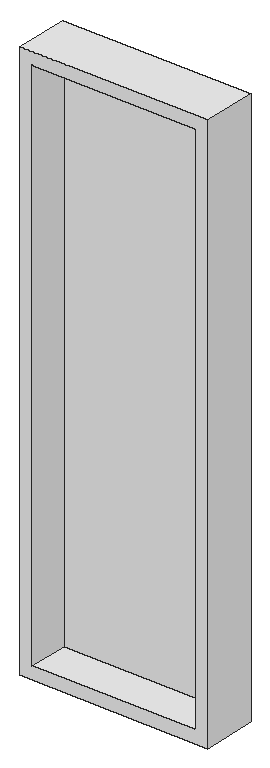
Revit family
Parameters (values of type "EPS")
  프레임 = ""
  철물 = ""
  Assembly Code = ""
  유리/마감 = ""
  위치/개소 = ""
  부호 = "1/SSD"
  문 틀 = SSD 문 틀
  문번호 = "1"
  문기호 = "SSD"
  문 = SSD 문
  Height = 2100 mm
  Wall Closure = (empty or 0)
  Width = 700 mm
Reference planes
  plane 1: y = 0
  plane 2 "중심(왼쪽/오른쪽)": x = 0
  plane 3 "왼쪽": x = -350
  plane 4 "오른쪽": x = 350
  plane 5: z = 2100
  plane 6 "외부": y = 100
  plane 7 "내부": y = -100
  plane 8: y = 50
  plane 9: x = -320
  plane 10: x = 320
  plane 11: x = -305
  plane 12: x = 305
  plane 13: x = -650
  plane 14: x = 650
  plane 15: z = 2400
  plane 16: z = -300
Forms (mm)
  Sweep 1, solid, material "SSD 문 틀" <- "문 틀"
    path origin (0, 100, 0) x (1, 0, 0) y (0, 0, 1)
      loop
        line (350, 0) -> (350, 2100) -> (-350, 2100) -> (-350, 0) -> (350, 0)
    profile origin (350, 100, 1050) x (-1, 0, 0) y (0, -1, 0)
      loop
        line (0, 0) -> (30, 0) -> (30, 50) -> (45, 50) -> (45, 200) -> (0, 200) -> (0, 0)
  Extrusion 2, solid, material "SSD 문" <- "문"
    sketch origin (0, 0, 0) x (1, 0, 0) y (0, 1, 0)
      loop
        line (320, 100) -> (-320, 100) -> (-320, 50) -> (320, 50) -> (320, 100)
    from 0 to 2070
Lines and regions (mm)
  Opening 1
    outline origin (-3050, -100, 0) x (1, 0, 0) y (0, 0, 1)
      loop
        line (2700, 0) -> (3400, 0) -> (3400, 2100) -> (2700, 2100) -> (2700, 0)
  symbolic lines, style "평면 스윙"
    curve 1: line (-320, 100, 30) -> (320, 100, 1050)
    curve 2: line (320, 100, 1050) -> (-320, 100, 2070)
  symbolic lines, style "입면도 스윙"
    curve 3: line (320, 100, 0) -> (-168.088, 441.763, 0)
    curve 4: line (285.585, 50.851, 0) -> (-202.502, 392.614, 0)
    curve 5: line (-202.502, 392.614, 0) -> (-168.088, 441.763, 0)
    curve 6: line (320, 100, 0) -> (285.585, 50.851, 0)
    curve 7: arc (-320, 100, 0) -> (-279.382, 253.587, 0) -> (-202.502, 392.614, 0) r 645.888
    curve 8: line (350, 100, -300) -> (350, 100, 2400)
    curve 9: line (-350, 100, 2400) -> (-350, 100, -300)
    curve 10: line (-650, 100, 0) -> (650, 100, 0)
    curve 11: line (650, 100, 2100) -> (-650, 100, 2100)
    curve 12: line (-355, 100, 2105) -> (-355, 100, -5)
    curve 13: line (-345, 100, 2095) -> (-345, 100, 5)
    curve 14: line (355, 100, 2105) -> (-355, 100, 2105)
    curve 15: line (345, 100, 2095) -> (-345, 100, 2095)
    curve 16: line (-345, 100, 5) -> (345, 100, 5)
    curve 17: line (-355, 100, -5) -> (355, 100, -5)
    curve 18: line (345, 100, 5) -> (345, 100, 2095)
    curve 19: line (355, 100, -5) -> (355, 100, 2105)
Text (mm)
  text "외부" at (-2295.016, 1099.543, 0), in view "참조 레벨"
  text "외부" at (0, 1615.38, 3698.081), in view "왼쪽"
  text "외부" at (0, 1036.032, 3874.932), in view "오른쪽"
Dimensions and locks
  equal spacing: plane 3 "왼쪽", plane 2 "중심(왼쪽/오른쪽)", plane 4 "오른쪽"
  "Width": plane 3 "왼쪽" to plane 4 "오른쪽"
  "Height": plane 5 to host wall
  host wall to plane 5 = 2100 mm  (x2)
  locked: plane 6 "외부" to host wall at 0
  locked: plane 7 "내부" to host wall
  locked: Sweep 1 to plane 8 at 50
  locked: plane 8 to plane 6 "외부" at 50
  plane 3 "왼쪽" to plane 9 to plane 11 = 30 mm locked, 15 mm locked
  plane 12 to plane 10 to plane 4 "오른쪽" = 15 mm locked, 30 mm locked
  curve 17 to curve 10 to curve 16 = 5 mm locked, 5 mm locked
  curve 13 to curve 9 to curve 12 = 5 mm locked, 5 mm locked
  curve 18 to curve 8 to curve 19 = 5 mm locked, 5 mm locked
  curve 15 to curve 11 to curve 14 = 5 mm locked, 5 mm locked
  aligned and locked: plane 3 "왼쪽" to Opening 1 sketch curve
  aligned and locked: plane 5 to Opening 1 sketch curve  (x2)
  aligned and locked: Opening 1 sketch curve to plane 4 "오른쪽"
  aligned and locked: Opening 1 sketch curve to level
  aligned and locked: plane 1 to host wall
  aligned and locked: Sweep 1 sketch curve to plane 8
  aligned and locked: host wall to Sweep 1 sketch curve
  aligned and locked: Sweep 1 to Extrusion 2 sketch curve  (x2)
  aligned and locked: Extrusion 2 sketch curve to Sweep 1  (x2)
  aligned and locked: Extrusion 2 to Sweep 1
  aligned and locked: curve 9 to plane 3 "왼쪽"
  aligned and locked: plane 5 to curve 11
  aligned and locked: level to curve 10
  aligned and locked: plane 4 "오른쪽" to curve 8
Automatic sketch dimensions
  Sweep 1 sketch curve to level = 0 mm
  Sweep 1 sketch curve to plane 3 "왼쪽" = 0 mm
  Sweep 1 sketch curve to plane 4 "오른쪽" = 0 mm
  Sweep 1 sketch curve to plane 5 = 0 mm
  Sweep 1 sketch curve to plane 6 "외부" = 0 mm
  Sweep 1 sketch curve to profile plane = 0 mm
  Sweep 1 sketch curve to profile plane = 30 mm
  Sweep 1 sketch curve to profile plane = 45 mm
  curve 2 to plane 9 = 0 mm
  curve 1 to plane 9 = 0 mm
  curve 1 to plane 10 = 0 mm
  level to curve 1 = 30 mm
  level to curve 2 = 1050 mm
  plane 5 to curve 2 = 30 mm
  curve 7 to host wall = 0 mm
  curve 7 to plane 9 = 0 mm
  curve 3 to host wall = 0 mm
  curve 3 to plane 10 = 0 mm
  curve 5 to plane 11 = 102.498 mm
  curve 4 to curve 3 = 34.415 mm
  plane 10 to curve 7 = 0.01 mm
  curve 6 to plane 8 = 0.851 mm
  curve 10 to plane 14 = 0 mm
  curve 11 to plane 14 = 0 mm
  curve 8 to plane 15 = 0 mm
  curve 8 to plane 16 = 0 mm
  curve 9 to plane 16 = 0 mm
  curve 9 to plane 15 = 0 mm
  curve 11 to plane 13 = 0 mm
  curve 10 to plane 13 = 0 mm
